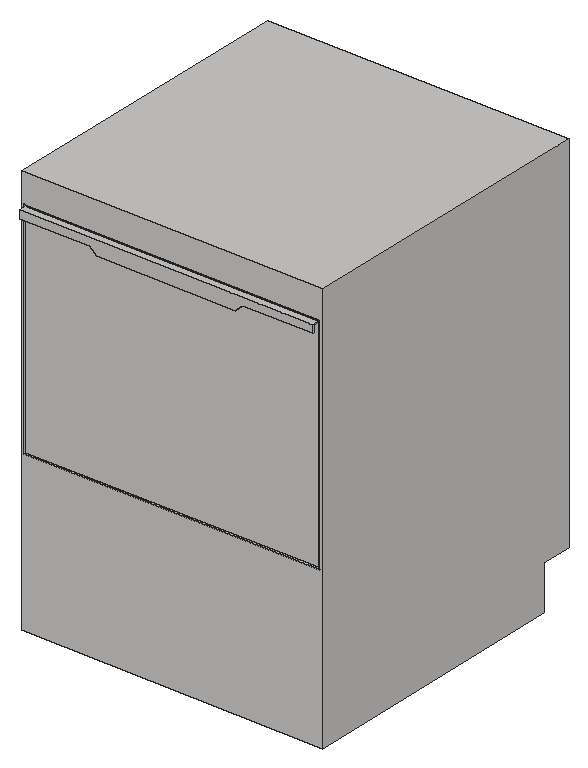
Revit family "QF_ELECTROLUXPROFESSIONAL_400219_ELA1G6", category Specialty Equipment, Revit 2018
Family settings
  Round Connector Dimension = Use Diameter
  Part Type = Normal
  Work Plane-Based = No
  Always vertical = Yes
  Cut with Voids When Loaded = No
  Shared = No
  Room Calculation Point = No
Parameters (values of type "Standard")
  Weight = 60.00 kg
  Watts = 0 W
  Volts = 220 V
  URL Manufacturer = "http://professional.electrolux.com"
  URL = "http://professional.electrolux.com"
  Steam Supply Size = 0 mm
  Steam Supply Minimum Pressure = 0.0 Pa
  Steam Supply Maximum Pressure = 0.0 Pa
  Steam Pounds per Hour = 0
  Show Logo [instance] = yes
  Show Clearance [instance] = yes
  Refrigeration Suction Line Size = 0 mm
  Refrigeration Liquid Line Size = 0 mm
  Refrigerant Compressor Remote = yes
  Manufacturer = "Electrolux Professional"
  Phase = 1
  Model = "ELA1G6"
  Length Actual = 600 mm  # constant formula
  Item Number = "400219"
  Hot Water Size = 19.05 mm
  Height Actual = 820 mm  # constant formula
  HP = "7.2 HP"
  Gas Size = 0 mm
  Gas KW = 0
  Gas Input Pressure = 0 W
  Direct Waste Size = 40 mm
  Description = "UNDERCOUNTER(L), WASH-SAFE, 1PH, DP, DD, 1080D/H - 60HZ"
  Depth Actual = 648 mm  # constant formula
  Cycle = 60 Hz
  Condensate Return Size = 0 mm
  Compressed Air Volume = 0.0 L/s
  Compressed Air Size = 0 mm
  Compressed Air Pressure = 0.0 Pa
  Cold Water Size = 0 mm
  Accessory = yes
Types (2, lengths in mm): name | URL | Manufacturer | Phase | Model | Hot Water Size | Description
  (no name) | "http://professional.electrolux.com/" | 0 | 0 | 0 | 0 | 0
  Standard | "http://professional.electrolux.com" | "Electrolux Professional" | 1 | "ELA1G6" | 19.05 | "UNDERCOUNTER(L), WASH-SAFE, 1PH, DP, DD, 1080D/H - 60HZ"
Values of the unnamed type that differ from the named types
  Volts = 0 V
  URL Manufacturer = ""
  Item Number = ""
  Cycle = 0 Hz
Reference planes
  plane 1 "Center (Front/Back)": y = 0
  plane 2: z = 0
  plane 3 "Center (Left/Right)": x = 0
  plane 4 "LEFT": x = -300
  plane 5 "RIGHT": x = 300
  plane 6 "FRONT": y = -306
  plane 7 "BACK": y = 306
  plane 8: x = -202.5
  plane 9: x = 202.5
  plane 10: z = 830
  plane 11: z = 10
Forms (mm)
  Extrusion 1, solid, material "QF_Finishes_Stainless Steel"
    sketch origin (0, 0, 0) x (1, 0, 0) y (0, 1, 0)
      loop
        line (-300, -306) -> (300, -306) -> (300, 245) -> (-300, 245) -> (-300, -306)
    from 10 to 830
  Extrusion 2, solid, material "QF_Finishes_Stainless Steel"
    sketch origin (0, 0, 0) x (1, 0, 0) y (0, 1, 0)
      loop
        line (-300, 245) -> (300, 245) -> (300, 306) -> (-300, 306) -> (-300, 245)
    from 100 to 830
  Extrusion 3, solid, material "QF_Finishes_Stainless Steel"
    sketch origin (0, 17.5, 0) x (1, 0, 0) y (0, 1, 0)
      loop
        circle (-254, 167.5) r 12.5
      loop
        circle (254, 167.5) r 12.5
      loop
        circle (-254, -263.5) r 12.5
      loop
        circle (254, -263.5) r 12.5
    from 0 to 10
  Extrusion 4, void
    sketch origin (-300, -306, 0) x (-1, 0, 0) y (0, 0, 1)
      loop
        line (-5, 773.217) -> (-595, 773.217) -> (-595, 327.335) -> (-5, 327.335) -> (-5, 773.217)
    from 0 to 30
  Extrusion 5, solid, material "QF_Finishes_Stainless Steel"
    sketch origin (-259, -389, 768) x (0, 0, -1) y (1, 0, 0)
      loop
        circle (693, 143) r 10
    from -634 to -695
  Extrusion 6, solid, material "QF_Door-Drawer Clearances", visible <- "Show Clearance", detail levels coarse
    sketch origin (-230, -282.5, 0) x (0, 1, 0) y (0, 0, -1)
      loop
        line (-23.5, -330.419) -> (-391.5, -330.419)
        arc (-391.5, -330.419) -> (-290.693, -619.855) -> (-23.5, -770) r 432.894
        line (-23.5, -770) -> (-23.5, -330.419)
    from 61.197 to -521.306
  Extrusion 7, solid, material "QF_Finishes_Stainless Steel"
    sketch origin (-315.481, -389, 738) x (0, 0, -1) y (1, 0, 0)
      loop
        circle (663, 252.481) r 8
    from -634 to -695
  Extrusion 8, solid, material "QF_Finishes_Stainless Steel"
    sketch origin (-230, -282.5, 0) x (0, 1, 0) y (0, 0, -1)
      loop
        line (-23.5, -330.419) -> (-23.5, -770) -> (1.5, -770) -> (1.5, -330.419) -> (-23.5, -330.419)
    from 61.197 to -521.306
  Extrusion 9, solid, material "QF_Finishes_Stainless Steel"
    sketch origin (-230, -297.5, 0) x (0, 1, 0) y (0, 0, -1)
      loop
        line (-8.5, -770) -> (-8.5, -767.514) -> (-21, -767.514) -> (-21, -741.25) -> (-23.5, -741.25) -> (-23.5, -770) -> (-8.5, -770)
    from 61.197 to -521.306
  Extrusion 10, void
    sketch origin (-230, -321, 770) x (0, 0, 1) y (1, 0, 0)
      loop
        line (-15.552, -61.197) -> (-15.552, 77.909) -> (-28.75, 91.107) -> (-28.75, -61.197) -> (-15.552, -61.197)
      loop
        line (-15.552, 521.197) -> (-28.75, 521.197) -> (-28.75, 368.893) -> (-15.552, 382.091) -> (-15.552, 521.197)
    from 0 to 2.5
  Extrusion 11, solid, material "QF_Finishes_Stainless Steel"
    sketch origin (-295.988, 885.897, 763.79) x (0, -1, 0) y (1, 0, 0)
      loop
        circle (611.5, 158) r 8
    from -663.79 to -673.79
Cuts and joins
  Extrusion 4 cuts Extrusion 1
  joined: Extrusion 1, Extrusion 2
  Extrusion 10 cuts Extrusion 8
  Extrusion 10 cuts Extrusion 9
Lines and regions (mm)
  Split face 1
    outline origin (-300, -306, 830) x (0, 0, -1) y (1, 0, 0)
      loop
        line (21.579, 283.75) -> (39.683, 283.75) -> (39.683, 316.25) -> (21.579, 316.25) -> (21.579, 283.75)
  Split face 2
    outline origin (-300, -306, 830) x (0, 0, -1) y (1, 0, 0)
      loop
        line (56.783, 595) -> (56.783, 600)
      loop
        arc (56.783, 412.5) -> (28.391, 440.891) -> (0, 412.5) r 28.391
  symbolic lines
    curve 1: line (-300, 306, 0) -> (300, 306, 0)
    curve 2: line (-300, -306, 0) -> (-300, 306, 0)
    curve 3: line (300, -306, 0) -> (-300, -306, 0)
    curve 4: line (300, 306, 0) -> (300, -306, 0)
    curve 9: line (-291.197, -306, 0) -> (-291.197, -321, 0)
    curve 10: line (291.306, -321, 0) -> (291.306, -306, 0)
    curve 11: line (-291.197, -321, 0) -> (291.306, -321, 0)
  symbolic lines, style "QF_Door-Drawer Clearances"
    curve 5: line (-291.197, -674, 0) -> (291.306, -674, 0)
    curve 6: line (291.306, -674, 0) -> (291.306, -306, 0)
    curve 7: line (-291.197, -674, 0) -> (-291.197, -306, 0)
  symbolic lines, style "SpecialityEquipmentHiddenLines"
    curve 8: line (-300, 245, 0) -> (300, 245, 0)
Dimensions and locks
  equal spacing: plane 4 "LEFT", plane 3 "Center (Left/Right)", plane 5 "RIGHT"
  equal spacing: plane 7 "BACK", plane 1 "Center (Front/Back)", plane 6 "FRONT"
  plane 7 "BACK" to plane 6 "FRONT" = 612 mm
  plane 4 "LEFT" to plane 5 "RIGHT" = 600 mm
  plane 4 "LEFT" to plane 8 = 97.5 mm
  plane 9 to plane 5 "RIGHT" = 97.5 mm
  plane 11 to level = 10 mm
  plane 4 "LEFT" to plane 3 "Center (Left/Right)" = 300 mm
  plane 10 to level = 830 mm  (x2)
  plane 8 to plane 9 = 405 mm
  Extrusion 11 sketch curve to plane 4 "LEFT" = 162.012 mm
  level to Extrusion 5 sketch curve = 75 mm
  Extrusion 5 sketch curve to plane 4 "LEFT" = 184 mm
  Extrusion 7 sketch curve to plane 4 "LEFT" = 237 mm
  level to Extrusion 7 sketch curve = 75 mm
  Extrusion 3 to cut or joined group of Extrusion 1, Extrusion 2, Extrusion 4 = 121 mm
  Extrusion 3 to Extrusion 3 = 431 mm
  plane 6 "FRONT" to Extrusion 3 = 60 mm
  plane 9 to plane 8 = 405 mm
  plane 7 "BACK" to curve 5 = 980 mm
  cut or joined group of Extrusion 1, Extrusion 2, Extrusion 4 to level = 327.335 mm
  aligned and locked: level to plane 2
  aligned and locked: Extrusion 1 sketch curve to plane 6 "FRONT"
  aligned and locked: Extrusion 1 sketch curve to plane 4 "LEFT"
  aligned and locked: plane 5 "RIGHT" to Extrusion 1 sketch curve
  aligned and locked: Extrusion 1 to plane 11
  aligned and locked: Extrusion 2 sketch curve to Extrusion 1
  aligned and locked: plane 5 "RIGHT" to Extrusion 2 sketch curve
  aligned and locked: plane 11 to Extrusion 3
  aligned and locked: cut or joined group of Extrusion 9, Extrusion 10 to Extrusion 10
Automatic sketch dimensions
  Extrusion 1 sketch curve to plane 7 "BACK" = 61 mm
  Extrusion 3 sketch curve to plane 8 = 51.5 mm  (x2)
  plane 9 to Extrusion 3 sketch curve = 51.5 mm  (x2)
  plane 6 "FRONT" to Extrusion 3 sketch curve = 60 mm  (x2)
  Extrusion 3 sketch curve to plane 7 "BACK" = 121 mm  (x2)
  Extrusion 4 sketch curve to Extrusion 1 = 5 mm  (x2)
  Extrusion 4 sketch curve to Extrusion 1 = 317.335 mm
  Extrusion 4 sketch curve to Extrusion 1 = 56.783 mm
  plane 6 "FRONT" to Extrusion 8 sketch curve = 0 mm
  Extrusion 8 sketch curve to Extrusion 8 sketch curve = 25 mm
  Extrusion 9 sketch curve to plane 6 "FRONT" = 15 mm
  Extrusion 9 sketch curve to Extrusion 9 sketch curve = 2.5 mm
  Extrusion 9 sketch curve to Extrusion 9 sketch curve = 12.5 mm
  Extrusion 9 sketch curve to plane 10 = 60 mm
  Extrusion 9 sketch curve to Extrusion 9 sketch curve = 2.486 mm
  Extrusion 9 sketch curve to Extrusion 9 sketch curve = 26.264 mm
  Extrusion 2 sketch curve to Extrusion 2 sketch curve = 61 mm
  Split face 1 sketch curve to cut or joined group of Extrusion 1, Extrusion 2, Extrusion 4 = 21.579 mm
  Split face 1 sketch curve to Split face 1 sketch curve = 18.104 mm
  Split face 1 sketch curve to cut or joined group of Extrusion 1, Extrusion 2, Extrusion 4 = 278.75 mm
  Split face 1 sketch curve to Split face 1 sketch curve = 32.5 mm
  plane 11 to Extrusion 8 sketch curve = 320.419 mm
  Extrusion 8 sketch curve to plane 10 = 60 mm
  Extrusion 10 sketch curve to Extrusion 9 = 0 mm  (x2)
  Extrusion 9 to Extrusion 10 sketch curve = 0 mm
  Extrusion 10 sketch curve to Extrusion 9 = 13.198 mm  (x2)
  Extrusion 10 sketch curve to Extrusion 9 = 139.107 mm
  Extrusion 10 sketch curve to Extrusion 10 sketch curve = 13.198 mm  (x2)
  Extrusion 10 sketch curve to Extrusion 9 = 152.413 mm
  Extrusion 10 sketch curve to Extrusion 9 = 0.109 mm
  curve 3 to plane 4 "LEFT" = 0 mm
  curve 7 to plane 6 "FRONT" = 0 mm
  curve 4 to plane 5 "RIGHT" = 0 mm
  curve 2 to plane 7 "BACK" = 0 mm
  plane 4 "LEFT" to curve 5 = 8.803 mm
  curve 5 to plane 5 "RIGHT" = 8.694 mm
  plane 4 "LEFT" to curve 11 = 8.803 mm
  curve 10 to plane 5 "RIGHT" = 8.694 mm
  curve 11 to plane 6 "FRONT" = 15 mm
  curve 8 to plane 7 "BACK" = 61 mm
  Extrusion 2 sketch curve to plane 7 "BACK" = 0 mm
  Split face 2 sketch curve to cut or joined group of Extrusion 1, Extrusion 2, Extrusion 4 = 0 mm  (x5)
  Split face 2 sketch curve to cut or joined group of Extrusion 1, Extrusion 2, Extrusion 4 = 182.5 mm
  Extrusion 11 sketch curve to plane 7 "BACK" = 31.603 mm
  Extrusion 6 sketch curve to plane 6 "FRONT" = 0 mm
  plane 6 "FRONT" to Extrusion 6 sketch curve = 64.74 mm
  plane 11 to Extrusion 6 sketch curve = 331.974 mm
  Extrusion 6 sketch curve to Extrusion 6 sketch curve = 11.555 mm
  Extrusion 6 sketch curve to plane 6 "FRONT" = 368 mm
  radius of Extrusion 5 sketch curve = 10 mm
  radius of Extrusion 7 sketch curve = 8 mm
  radius of Extrusion 3 sketch curve = 12.5 mm  (x4)
  radius of Extrusion 11 sketch curve = 8 mm
Connectors
  piping at (-116, 306, 75), diameter 20
    settings: on Extrusion 5, index 1, connector inside diameter 609.6 mm, connector length 0 mm, flow factor 0, pipe flow 0.0 L/s, pressure drop 0.0 Pa, fitting loss kfactor 0, connector angle 0.00°, fixture units 0, engagement length 0 mm, angle of deflection 0.00°, flow configuration 1, flow direction 1, fitting loss method 0, system type 16, joint type 0, gender type 0, connector reference index -1, connector utility 0, adjustable connector no, is connector primary yes, connector description "Drain"
  piping at (-63, 306, 75), diameter 16
    settings: on Extrusion 7, index 3, connector inside diameter 609.6 mm, connector length 0 mm, flow factor 0, pipe flow 0.0 L/s, pressure drop 0.0 Pa, fitting loss kfactor 0, connector angle 0.00°, fixture units 0, engagement length 0 mm, angle of deflection 0.00°, flow configuration 1, flow direction 1, fitting loss method 0, system type 20, joint type 0, gender type 0, connector reference index -1, connector utility 0, adjustable connector no, is connector primary no, connector description "Cold Water Inlet"
  electrical at (-137.988, 274.397, 90), driven by "Volts"
    settings: on Extrusion 11, index 4, voltage 220 V, apparent load 0 VA, apparent load phase1 0 VA, apparent load phase2 0 VA, apparent load phase3 0 VA, power factor 1, load classification "Altro", number of poles 1, system type 31, power factor state 1, is connector primary yes, connector utility no, sub classification motor no, connector description "Electrical Connection"
